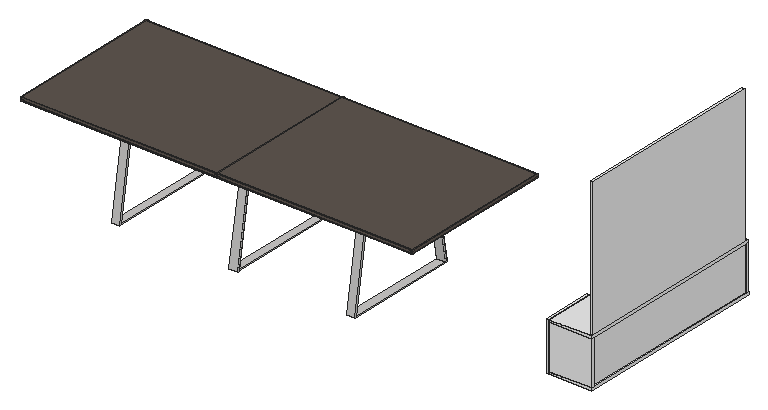
Revit family "T400193", category Furniture, Revit 2018 (continued)
Definition of nested family "OFS INTERMIX METAL BASES"
  Automatic sketch dimensions
    plane 3 "Center Left/Right" to Extrusion 6 sketch curve = 0' - 1 1/2"
    Extrusion 6 sketch curve to plane 3 "Center Left/Right" = 0' - 1 1/2"
    plane 3 "Center Left/Right" to Extrusion 7 sketch curve = 0' - 4"
    Extrusion 7 sketch curve to plane 3 "Center Left/Right" = 0' - 4"
    plane 1 "Back" to Extrusion 7 sketch curve = 0' - 4 1/2"
    plane 7 to Extrusion 7 sketch curve = 0' - 4 1/2"
    level to Revolve 8 sketch curve = 0' - 0 1/2"  (x2)
    Revolve 8 sketch curve to plane 5 "Center Front/Back" = 0' - 0"  (x2)
    plane 5 "Center Front/Back" to Revolve 8 sketch curve = 0' - 0 1/8"
    plane 5 "Center Front/Back" to Revolve 8 sketch curve = 0' - 0 1/4"
    level to Revolve 8 sketch curve = 0' - 0 1/4"
    Revolve 8 sketch curve to Revolve 8 sketch curve = 0' - 0 1/8"
    level to Revolve 8 sketch curve = 0' - 0.82356"
    level to Revolve 9 sketch curve = 0' - 0 1/2"  (x2)
    plane 7 to Revolve 9 sketch curve = 0' - 1.33038"
    Revolve 9 sketch curve to Revolve 9 sketch curve = 0' - 0 1/8"  (x2)
    Revolve 9 sketch curve to Revolve 9 sketch curve = 0' - 0 1/4"
    level to Revolve 9 sketch curve = 0' - 0 1/4"
    Revolve 9 sketch curve to Revolve 9 sketch curve = 0' - 0"
    level to Revolve 9 sketch curve = 0' - 0.82356"
    level to Revolve 10 sketch curve = 0' - 0 1/2"  (x2)
    plane 1 "Back" to Revolve 10 sketch curve = 0' - 1.33038"
    Revolve 10 sketch curve to Revolve 10 sketch curve = 0' - 0 1/8"  (x2)
    Revolve 10 sketch curve to Revolve 10 sketch curve = 0' - 0 1/4"  (x2)
    Revolve 10 sketch curve to Revolve 10 sketch curve = 0' - 0"
    level to Revolve 10 sketch curve = 0' - 0.82356"
    level to Extrusion 11 sketch curve = 0' - 0 1/2"
    Extrusion 11 sketch curve to plane 7 = 0' - 0"
    Extrusion 11 sketch curve to Extrusion 11 sketch curve = 0' - 0.38078"  (x2)
    Extrusion 11 sketch curve to plane 8 = 0' - 0"
    plane 7 to Extrusion 11 sketch curve = 0' - 4.71739"
    level to Extrusion 12 sketch curve = 0' - 0 1/2"
    Extrusion 12 sketch curve to plane 7 = 0' - 0"
    plane 7 to Extrusion 12 sketch curve = 0' - 0.38078"
    Extrusion 12 sketch curve to plane 8 = 0' - 0"
    plane 7 to Extrusion 12 sketch curve = 0' - 4.71739"
    Extrusion 12 sketch curve to Extrusion 12 sketch curve = 0' - 0.38078"
